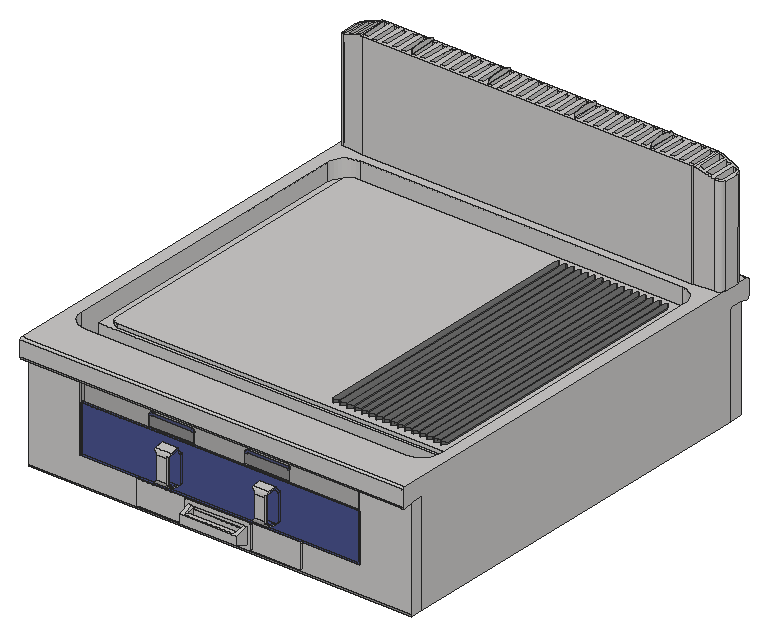
Revit family "QF_ELECTROLUXPROFESSIONAL_589110_MCHOAAHOPO", category Specialty Equipment, Revit 2018 (continued)
Definition of nested family "GG_900_Backsplash for 800 fryer"
  Automatic sketch dimensions
    level to Extrusion 41 sketch curve = 1058.216 mm
    Extrusion 41 sketch curve to Extrusion 41 sketch curve = 49.354 mm
    Extrusion 41 sketch curve to Extrusion 41 sketch curve = 3.029 mm  (x2)
    Extrusion 41 sketch curve to Extrusion 41 sketch curve = 0.001 mm  (x4)
    Extrusion 41 sketch curve to Extrusion 41 sketch curve = 2.392 mm
    Extrusion 42 sketch curve to Extrusion 42 sketch curve = 0 mm  (x3)
    Extrusion 42 sketch curve to plane 3 "Center (Left/Right)" = 87.373 mm
    Extrusion 42 sketch curve to Extrusion 42 sketch curve = 1 mm  (x2)
    Extrusion 42 sketch curve to Extrusion 42 sketch curve = 0.732 mm
    level to Extrusion 42 sketch curve = 1106.571 mm
    plane 6 to Extrusion 43 sketch curve = 26.484 mm
    Extrusion 43 sketch curve to Extrusion 43 sketch curve = 3.168 mm
    Extrusion 43 sketch curve to Extrusion 43 sketch curve = 0.003 mm
    Extrusion 43 sketch curve to Extrusion 43 sketch curve = 0.832 mm
    Extrusion 43 sketch curve to Extrusion 43 sketch curve = 11.257 mm
    Extrusion 43 sketch curve to Extrusion 43 sketch curve = 0 mm  (x2)
    Extrusion 43 sketch curve to plane 6 = 0.419 mm
    Extrusion 43 sketch curve to plane 6 = 12.894 mm
    Extrusion 43 sketch curve to Extrusion 43 sketch curve = 10.482 mm
    Extrusion 43 sketch curve to Extrusion 43 sketch curve = 0.775 mm
    Extrusion 43 sketch curve to Extrusion 43 sketch curve = 0.056 mm
    Extrusion 43 sketch curve to Extrusion 43 sketch curve = 4 mm
    level to Extrusion 43 sketch curve = 1058.216 mm
    Extrusion 43 sketch curve to Extrusion 43 sketch curve = 49.354 mm
    Extrusion 43 sketch curve to Extrusion 43 sketch curve = 3.029 mm  (x2)
    Extrusion 43 sketch curve to Extrusion 43 sketch curve = 0.001 mm  (x4)
    Extrusion 43 sketch curve to Extrusion 43 sketch curve = 2.392 mm
    Extrusion 44 sketch curve to Extrusion 44 sketch curve = 0 mm  (x3)
    Extrusion 44 sketch curve to plane 5 = 145 mm
    Extrusion 44 sketch curve to Extrusion 44 sketch curve = 1 mm  (x2)
    Extrusion 44 sketch curve to Extrusion 44 sketch curve = 0.732 mm
    level to Extrusion 44 sketch curve = 1107.571 mm
    plane 6 to Extrusion 45 sketch curve = 26.484 mm
    Extrusion 45 sketch curve to Extrusion 45 sketch curve = 3.168 mm
    Extrusion 45 sketch curve to Extrusion 45 sketch curve = 0.003 mm
    Extrusion 45 sketch curve to Extrusion 45 sketch curve = 0.832 mm
    Extrusion 45 sketch curve to Extrusion 45 sketch curve = 11.257 mm
    Extrusion 45 sketch curve to Extrusion 45 sketch curve = 0 mm  (x2)
    Extrusion 45 sketch curve to plane 6 = 0.419 mm
    Extrusion 45 sketch curve to plane 6 = 12.894 mm
    Extrusion 45 sketch curve to Extrusion 45 sketch curve = 10.482 mm
    Extrusion 45 sketch curve to Extrusion 45 sketch curve = 0.775 mm
    Extrusion 45 sketch curve to Extrusion 45 sketch curve = 0.056 mm
    Extrusion 45 sketch curve to Extrusion 45 sketch curve = 4 mm
    level to Extrusion 45 sketch curve = 1058.216 mm
    Extrusion 45 sketch curve to Extrusion 45 sketch curve = 49.354 mm
    Extrusion 45 sketch curve to Extrusion 45 sketch curve = 3.029 mm  (x2)
    Extrusion 45 sketch curve to Extrusion 45 sketch curve = 0.001 mm  (x4)
    Extrusion 45 sketch curve to Extrusion 45 sketch curve = 2.392 mm
    Extrusion 46 sketch curve to Extrusion 46 sketch curve = 0 mm  (x3)
    plane 3 "Center (Left/Right)" to Extrusion 46 sketch curve = 94.792 mm
    Extrusion 46 sketch curve to Extrusion 46 sketch curve = 1 mm  (x2)
    Extrusion 46 sketch curve to Extrusion 46 sketch curve = 0.732 mm
    level to Extrusion 46 sketch curve = 1107.571 mm
    curve 15 to plane 5 = 0 mm
    plane 6 to curve 6 = 32.954 mm
    curve 17 to plane 4 = 0 mm
    plane 4 to curve 16 = 0.886 mm
    plane 4 to curve 2 = 11.608 mm
    plane 4 to curve 7 = 11.608 mm
    curve 5 to curve 6 = 58.231 mm
    plane 1 "Center (Front/Back)" to curve 1 = 5.039 mm
    curve 3 to curve 1 = 58.231 mm
    curve 8 to plane 5 = 70.951 mm
    curve 1 to curve 6 = 0 mm
    curve 12 to plane 5 = 12.72 mm
    curve 8 to plane 5 = 12.72 mm
    curve 15 to plane 5 = 1.998 mm
    curve 14 to curve 9 = 1.998 mm
    plane 4 to curve 17 = 0.886 mm
    curve 3 to curve 3 = 11.746 mm
    curve 5 to curve 5 = 11.746 mm
    curve 11 to curve 11 = 11.746 mm
    curve 10 to curve 10 = 11.746 mm
    plane 6 to curve 7 = 27.86 mm
    plane 6 to curve 8 = 27.86 mm
    plane 6 to curve 15 = 15.407 mm
    curve 14 to plane 6 = 15.407 mm
    curve 4 to plane 6 = 15.407 mm
    plane 1 "Center (Front/Back)" to curve 2 = 10.134 mm
    plane 1 "Center (Front/Back)" to curve 12 = 10.134 mm
    plane 6 to curve 17 = 15.407 mm
Definition of nested family "GG_900_800 mm Half Grate"
  Parameters
    Length = 662 mm
    Array = Length / 15 mm  # 44
  Reference planes
    plane 1 "Center (Front/Back)": y = 0
    plane 2: z = 0
    plane 3 "Center (Left/Right)": x = 0
    plane 4: x = -355
    plane 5: x = 355
    plane 6: z = 900
    plane 7: z = 888
    plane 8: x = -331
    plane 9: x = 331
  Forms (mm)
    Extrusion 1, solid
      sketch origin (453.786, 467.26, 0) x (1, 0, 0) y (0, 1, 0)
        loop
          line (-808.786, -175.198) -> (-808.786, -760.472)
          arc (-808.786, -760.472) -> (-803.807, -772.493) -> (-791.786, -777.472) r 17
          line (-791.786, -777.472) -> (-116.936, -777.472)
          arc (-116.936, -777.472) -> (-104.102, -772.156) -> (-98.786, -759.322) r 18.15
          line (-98.786, -759.322) -> (-98.786, -175.198)
          arc (-98.786, -175.198) -> (-104.102, -162.364) -> (-116.936, -157.048) r 18.15
          line (-116.936, -157.048) -> (-790.636, -157.048)
          arc (-790.636, -157.048) -> (-803.47, -162.364) -> (-808.786, -175.198) r 18.15
      from 888 to 894.474
  Lines and regions (mm)
    symbolic lines
      curve 1: line (324.5, -295.767, 0) -> (318, -286.484, 0)
      curve 2: line (331, -286.484, 0) -> (324.5, -295.767, 0)
      curve 3: line (98.105, -295.767, 0) -> (91.605, -286.484, 0)
      curve 4: line (104.605, -286.484, 0) -> (98.105, -295.767, 0)
      curve 5: line (113.198, -295.767, 0) -> (106.698, -286.484, 0)
      curve 6: line (119.698, -286.484, 0) -> (113.198, -295.767, 0)
      curve 7: line (128.291, -295.767, 0) -> (121.791, -286.484, 0)
      curve 8: line (134.791, -286.484, 0) -> (128.291, -295.767, 0)
      curve 9: line (143.384, -295.767, 0) -> (136.884, -286.484, 0)
      curve 10: line (149.884, -286.484, 0) -> (143.384, -295.767, 0)
      curve 11: line (158.477, -295.767, 0) -> (151.977, -286.484, 0)
      curve 12: line (164.977, -286.484, 0) -> (158.477, -295.767, 0)
      curve 13: line (173.57, -295.767, 0) -> (167.07, -286.484, 0)
      curve 14: line (180.07, -286.484, 0) -> (173.57, -295.767, 0)
      curve 15: line (188.663, -295.767, 0) -> (182.163, -286.484, 0)
      curve 16: line (195.163, -286.484, 0) -> (188.663, -295.767, 0)
      curve 17: line (203.756, -295.767, 0) -> (197.256, -286.484, 0)
      curve 18: line (210.256, -286.484, 0) -> (203.756, -295.767, 0)
      curve 19: line (218.849, -295.767, 0) -> (212.349, -286.484, 0)
      curve 20: line (225.349, -286.484, 0) -> (218.849, -295.767, 0)
      curve 21: line (233.942, -295.767, 0) -> (227.442, -286.484, 0)
      curve 22: line (240.442, -286.484, 0) -> (233.942, -295.767, 0)
      curve 23: line (249.035, -295.767, 0) -> (242.535, -286.484, 0)
      curve 24: line (255.535, -286.484, 0) -> (249.035, -295.767, 0)
      curve 25: line (264.128, -295.767, 0) -> (257.628, -286.484, 0)
      curve 26: line (270.628, -286.484, 0) -> (264.128, -295.767, 0)
      curve 27: line (279.221, -295.767, 0) -> (272.721, -286.484, 0)
      curve 28: line (285.721, -286.484, 0) -> (279.221, -295.767, 0)
      curve 29: line (294.314, -295.767, 0) -> (287.814, -286.484, 0)
      curve 30: line (300.814, -286.484, 0) -> (294.314, -295.767, 0)
      curve 31: line (309.407, -295.767, 0) -> (302.907, -286.484, 0)
      curve 32: line (315.907, -286.484, 0) -> (309.407, -295.767, 0)
      curve 33: line (336.85, 310.212, 0) -> (-336.85, 310.212, 0)
      curve 34: arc (-336.85, 310.212, 0) -> (-349.684, 304.896, 0) -> (-355, 292.062, 0) r 18.15
      curve 35: line (-355, 292.062, 0) -> (-355, -293.212, 0)
      curve 36: arc (-355, -293.212, 0) -> (-350.021, -305.233, 0) -> (-338, -310.212, 0) r 17
      curve 37: line (-338, -310.212, 0) -> (336.85, -310.212, 0)
      curve 38: arc (336.85, -310.212, 0) -> (349.684, -304.896, 0) -> (355, -292.062, 0) r 18.15
      curve 39: line (355, -292.062, 0) -> (355, 292.062, 0)
      curve 40: arc (355, 292.062, 0) -> (349.684, 304.896, 0) -> (336.85, 310.212, 0) r 18.15
  Dimensions and locks
    plane 6 to level = 900 mm
    plane 6 to plane 7 = 12 mm
    locked: plane 9 to plane 5 at 24
    "Length": plane 8 to plane 9
    plane 4 to plane 5 = 710 mm
    plane 4 to plane 8 = 24 mm
    aligned and locked: Extrusion 1 to plane 7
    aligned and locked: plane 9 to nested 1
    aligned and locked: curve 34 to Extrusion 1
    aligned and locked: curve 38 to Extrusion 1
    aligned and locked: curve 40 to Extrusion 1
  Automatic sketch dimensions
    Extrusion 1 sketch curve to plane 4 = 0 mm
    Extrusion 1 sketch curve to plane 5 = 0 mm
    Extrusion 1 sketch curve to plane 8 = 7 mm
    Extrusion 1 sketch curve to plane 8 = 5.85 mm
    plane 9 to Extrusion 1 sketch curve = 5.85 mm  (x2)
    plane 1 "Center (Front/Back)" to Extrusion 1 sketch curve = 310.212 mm
    Extrusion 1 sketch curve to plane 1 "Center (Front/Back)" = 292.062 mm
    curve 36 to plane 8 = 7 mm
    curve 1 to curve 1 = 6.5 mm
    curve 1 to curve 1 = 9.283 mm
    curve 1 to curve 2 = 6.5 mm
    curve 1 to curve 2 = 9.283 mm
    curve 3 to curve 3 = 6.5 mm
    curve 3 to curve 3 = 9.283 mm
    curve 3 to curve 4 = 6.5 mm
    curve 3 to curve 4 = 9.283 mm
    curve 5 to curve 5 = 6.5 mm
    curve 5 to curve 5 = 9.283 mm
    curve 5 to curve 6 = 6.5 mm
    curve 5 to curve 6 = 9.283 mm
    curve 7 to curve 7 = 6.5 mm
    curve 7 to curve 7 = 9.283 mm
    curve 7 to curve 8 = 6.5 mm
    curve 7 to curve 8 = 9.283 mm
    curve 9 to curve 9 = 6.5 mm
    curve 9 to curve 9 = 9.283 mm
    curve 9 to curve 10 = 6.5 mm
    curve 9 to curve 10 = 9.283 mm
    curve 11 to curve 11 = 6.5 mm
    curve 11 to curve 11 = 9.283 mm
    curve 11 to curve 12 = 6.5 mm
    curve 11 to curve 12 = 9.283 mm
    curve 13 to curve 13 = 6.5 mm
    curve 13 to curve 13 = 9.283 mm
    curve 13 to curve 14 = 6.5 mm
    curve 13 to curve 14 = 9.283 mm
    curve 15 to curve 15 = 6.5 mm
    curve 15 to curve 15 = 9.283 mm
    curve 15 to curve 16 = 6.5 mm
    curve 15 to curve 16 = 9.283 mm
    curve 17 to curve 17 = 6.5 mm
    curve 17 to curve 17 = 9.283 mm
    curve 17 to curve 18 = 6.5 mm
    curve 17 to curve 18 = 9.283 mm
    curve 19 to curve 19 = 6.5 mm
    curve 19 to curve 19 = 9.283 mm
    curve 19 to curve 20 = 6.5 mm
    curve 19 to curve 20 = 9.283 mm
    curve 21 to curve 21 = 6.5 mm
    curve 21 to curve 21 = 9.283 mm
    curve 21 to curve 22 = 6.5 mm
    curve 21 to curve 22 = 9.283 mm
    curve 23 to curve 23 = 6.5 mm
    curve 23 to curve 23 = 9.283 mm
    curve 23 to curve 24 = 6.5 mm
    curve 23 to curve 24 = 9.283 mm
    curve 25 to curve 25 = 6.5 mm
    curve 25 to curve 25 = 9.283 mm
    curve 25 to curve 26 = 6.5 mm
    curve 25 to curve 26 = 9.283 mm
    curve 27 to curve 27 = 6.5 mm
    curve 27 to curve 27 = 9.283 mm
    curve 27 to curve 28 = 6.5 mm
    curve 27 to curve 28 = 9.283 mm
    curve 29 to curve 29 = 6.5 mm
    curve 29 to curve 29 = 9.283 mm
    curve 29 to curve 30 = 6.5 mm
    curve 29 to curve 30 = 9.283 mm
    curve 31 to curve 31 = 6.5 mm
    curve 31 to curve 31 = 9.283 mm
    curve 31 to curve 32 = 6.5 mm
    curve 31 to curve 32 = 9.283 mm
  Nested families
    nested 1: "Grate for Griddle" at (324.5, 0, 11.99), type "Grate for Griddle"
    nested 2: "Grate for Griddle" at (98.105, 0, 11.99), type "Grate for Griddle"
    nested 3: "Grate for Griddle" at (113.198, 0, 11.99), type "Grate for Griddle"
    nested 4: "Grate for Griddle" at (128.291, 0, 11.99), type "Grate for Griddle"
    nested 5: "Grate for Griddle" at (143.384, 0, 11.99), type "Grate for Griddle"
    nested 6: "Grate for Griddle" at (158.477, 0, 11.99), type "Grate for Griddle"
    nested 7: "Grate for Griddle" at (173.57, 0, 11.99), type "Grate for Griddle"
    nested 8: "Grate for Griddle" at (188.663, 0, 11.99), type "Grate for Griddle"
    nested 9: "Grate for Griddle" at (203.756, 0, 11.99), type "Grate for Griddle"
    nested 10: "Grate for Griddle" at (218.849, 0, 11.99), type "Grate for Griddle"
    nested 11: "Grate for Griddle" at (233.942, 0, 11.99), type "Grate for Griddle"
    nested 12: "Grate for Griddle" at (249.035, 0, 11.99), type "Grate for Griddle"
    nested 13: "Grate for Griddle" at (264.128, 0, 11.99), type "Grate for Griddle"
    nested 14: "Grate for Griddle" at (279.221, 0, 11.99), type "Grate for Griddle"
    nested 15: "Grate for Griddle" at (294.314, 0, 11.99), type "Grate for Griddle"
    nested 16: "Grate for Griddle" at (309.407, 0, 11.99), type "Grate for Griddle"
  Definition of nested family "Grate for Griddle"
    Reference planes
      plane 1 "Center (Front/Back)": y = 0
      plane 2: z = 0
      plane 3 "Center (Left/Right)": x = 0
      plane 4: x = -5.214
      plane 5: x = 7.786
      plane 6: y = 294
      plane 7: y = -294
    Forms (mm)
      Extrusion 1, solid
        sketch origin (1322.686, 294, -6.066) x (1, 0, 0) y (0, 0, 1)
          loop
            line (-1316.186, 888.55) -> (-1316.186, 890.55)
            arc (-1316.186, 890.55) -> (-1322.686, 894.177) -> (-1329.186, 890.55) r 7.638
            line (-1329.186, 890.55) -> (-1329.186, 888.55) -> (-1316.186, 888.55)
        from 0 to 588
      Extrusion 2, void
        sketch origin (0, 0, 0) x (1, 0, 0) y (0, 1, 0)
          loop
            line (-1.237, 294) -> (-6.5, 294) -> (-6.5, 286.484) -> (-1.237, 294)
          loop
            line (1.237, 294) -> (6.5, 286.484) -> (6.5, 294) -> (1.237, 294)
          loop
            line (-1.237, -294) -> (-6.5, -286.484) -> (-6.5, -294) -> (-1.237, -294)
          loop
            line (1.237, -294) -> (6.5, -294) -> (6.5, -286.484) -> (1.237, -294)
        from 878.991 to 892.372
    Cuts and joins
      Extrusion 2 cuts Extrusion 1
    Lines and regions (mm)
      symbolic lines
        curve 1: line (6.5, -286.484, 0) -> (6.5, 286.484, 0)
        curve 2: line (6.5, -286.484, 0) -> (1.237, -294, 0)
        curve 3: line (-1.237, -294, 0) -> (-6.5, -286.484, 0)
        curve 4: line (-6.5, 286.484, 0) -> (-6.5, -286.484, 0)
        curve 5: line (-6.5, 286.484, 0) -> (-1.237, 294, 0)
        curve 6: line (1.237, 294, 0) -> (6.5, 286.484, 0)
    Dimensions and locks
      plane 6 to plane 7 = 588 mm
      aligned and locked: Extrusion 1 to plane 7
      aligned and locked: plane 6 to Extrusion 1
      aligned and locked: curve 1 to cut or joined group of Extrusion 1, Extrusion 2
      aligned and locked: curve 2 to cut or joined group of Extrusion 1, Extrusion 2
      aligned and locked: curve 3 to cut or joined group of Extrusion 1, Extrusion 2
      aligned and locked: curve 4 to cut or joined group of Extrusion 1, Extrusion 2
      aligned and locked: curve 5 to cut or joined group of Extrusion 1, Extrusion 2
      aligned and locked: curve 6 to cut or joined group of Extrusion 1, Extrusion 2
